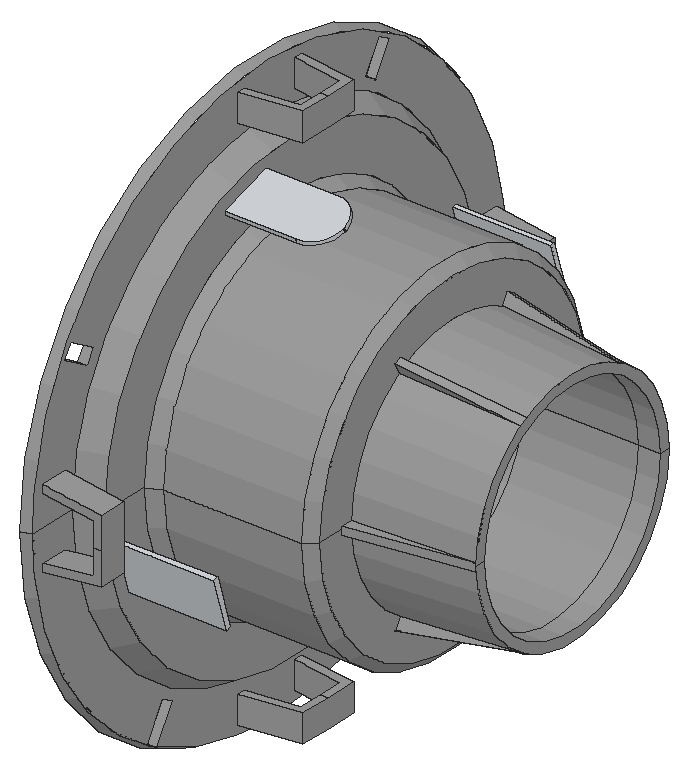
Revit family "CC50-X-Version1", category Pipe Accessories, Revit 2016
Family settings
  Part Type = Breaks Into
  Round Connector Dimension = Use Diameter
  Work Plane-Based = No
  Always vertical = No
  Cut with Voids When Loaded = No
  Shared = No
Parameters
  URL = "www.combatcollars.com.au"
  Model = "CC50-X"
  Manufacturer = "Combat Collars"
  Keynote = "The 'X' in the Model number should refer to either 'P' or 'G' (Purple or Green) depending on supplier."
  Description = "Combat Collar Clean 50"
Reference planes
  plane 1 "Center (Front/Back)": y = 0
  plane 2: z = 0
  plane 3 "Center (Left/Right)": x = -140
  plane 4: x = -230
  plane 5: x = -192.671
  plane 6: y = 90.593
  plane 7: y = -50
  plane 8: y = 100.593
  plane 9: y = -60
  plane 10: x = -212.35
  plane 11: x = -79.975
Forms (mm)
  Revolve 1, solid, material "Default", detail levels medium+fine
    sketch origin (0, 0, 0) x (1, 0, 0) y (0, 1, 0)
      loop
        line (-151, 30.319) -> (-181, 32.329) -> (-181, 42.108) -> (-183.488, 44.597) -> (-218.513, 44.597) -> (-221.871, 46.602) -> (-221.871, 58.802) -> (-227.545, 62.189) -> (-227.545, 74.462) -> (-229.916, 75.5) -> (-229.916, 60.496) -> (-224.327, 57.278) -> (-224.256, 39.729) -> (-185.318, 39.729) -> (-185.318, 27.864) -> (-156.504, 27.864) -> (-151, 27.864) -> (-151, 30.319)
      axis (-229.916, 0) -> (-151, 0)
    angle from 0 to 360
  Extrusion 2, solid, material "PVC-White", not visible, detail levels fine
    sketch origin (0, 0, 0) x (1, 0, 0) y (0, 0, 1)
      loop
        line (-80, 60.418) -> (-227.967, 86.048) -> (-227.967, 69.12) -> (-80, 60.418)
    from -1.5 to 1.5
  Extrusion 3, solid, material "PVC-White", not visible, detail levels fine
    sketch origin (0, 0, 0) x (1, 0, 0) y (0, -0.5, 0.866025)
      loop
        line (-80, 60.418) -> (-227.967, 86.048) -> (-227.967, 69.12) -> (-80, 60.418)
    from -1.5 to 1.5
  Extrusion 4, solid, material "PVC-White", not visible, detail levels fine
    sketch origin (0, 0, 0) x (1, 0, 0) y (0, -0.866025, 0.5)
      loop
        line (-80, 60.418) -> (-227.967, 86.048) -> (-227.967, 69.12) -> (-80, 60.418)
    from -1.5 to 1.5
  Extrusion 5, solid, material "PVC-White", not visible, detail levels fine
    sketch origin (0, 0, 0) x (0, -1, 0) y (-1, 0, 0)
      loop
        line (60.418, 80) -> (86.048, 227.967) -> (69.12, 227.967) -> (60.418, 80)
    from -1.5 to 1.5
  Extrusion 6, solid, material "PVC-White", not visible, detail levels fine
    sketch origin (0, 0, 0) x (1, 0, 0) y (0, -0.866025, -0.5)
      loop
        line (-80, 60.418) -> (-227.967, 86.048) -> (-227.967, 69.12) -> (-80, 60.418)
    from -1.5 to 1.5
  Extrusion 7, solid, material "PVC-White", not visible, detail levels fine
    sketch origin (0, 0, 0) x (1, 0, 0) y (0, -0.5, -0.866025)
      loop
        line (-80, 60.418) -> (-227.967, 86.048) -> (-227.967, 69.12) -> (-80, 60.418)
    from -1.5 to 1.5
  Extrusion 8, solid, material "PVC-White", not visible, detail levels fine
    sketch origin (0, 0, 0) x (1, 0, 0) y (0, 0, -1)
      loop
        line (-80, 60.418) -> (-227.967, 86.048) -> (-227.967, 69.12) -> (-80, 60.418)
    from -1.5 to 1.5
  Extrusion 9, solid, material "PVC-White", not visible, detail levels fine
    sketch origin (0, 0, 0) x (1, 0, 0) y (0, 0.5, -0.866025)
      loop
        line (-80, 60.418) -> (-227.967, 86.048) -> (-227.967, 69.12) -> (-80, 60.418)
    from -1.5 to 1.5
  Extrusion 10, solid, material "PVC-White", not visible, detail levels fine
    sketch origin (0, 0, 0) x (1, 0, 0) y (0, 0.866025, -0.5)
      loop
        line (-80, 60.418) -> (-227.967, 86.048) -> (-227.967, 69.12) -> (-80, 60.418)
    from -1.5 to 1.5
  Extrusion 11, solid, material "PVC-White", not visible, detail levels fine
    sketch origin (0, 0, 0) x (1, 0, 0) y (0, 1, 0)
      loop
        line (-80, 60.418) -> (-227.967, 86.048) -> (-227.967, 69.12) -> (-80, 60.418)
    from -1.5 to 1.5
  Extrusion 12, solid, material "PVC-White", not visible, detail levels fine
    sketch origin (0, 0, 0) x (1, 0, 0) y (0, 0.866025, 0.5)
      loop
        line (-80, 60.418) -> (-227.967, 86.048) -> (-227.967, 69.12) -> (-80, 60.418)
    from -1.5 to 1.5
  Extrusion 13, solid, material "PVC-White", not visible, detail levels fine
    sketch origin (0, 0, 0) x (1, 0, 0) y (0, 0.5, 0.866025)
      loop
        line (-80, 60.418) -> (-227.967, 86.048) -> (-227.967, 69.12) -> (-80, 60.418)
    from -1.5 to 1.5
  Extrusion 14, solid, material "Default"
    sketch origin (0, -3.478, 5.811) x (1, 0, 0) y (0, -0.5, 0.866025)
      loop
        line (-181, 28.602) -> (-181, 25.558) -> (-151, 23.548) -> (-181, 28.602)
    from -1 to 1
  Extrusion 15, solid, material "PVC-Purple", not visible
    sketch origin (0, -26.931, 15.549) x (1, 0, 0) y (0, -0.866025, 0.5)
      loop
        line (-180.974, 34.377) -> (-180.974, 23.962) -> (-151, 23.962) -> (-180.974, 34.377)
    from -1 to 1
  Extrusion 16, solid, material "Default"
    sketch origin (-227.545, 0, -1.544) x (0, 0, -1) y (0, 1, 0)
      loop
        line (-73.063, 0) -> (-73.063, -10) -> (-66.024, -10) -> (-66.024, 0) -> (-66.024, 10) -> (-73.063, 10) -> (-73.063, 0)
    from 0 to 15
  Extrusion 17, void
    sketch origin (-227.545, 0, 71.52) x (0, -1, 0) y (1, 0, 0)
      loop
        line (-10, 15) -> (-10, 0) -> (-8, 15) -> (-10, 15)
      loop
        line (10, 15) -> (8, 15) -> (10, 0) -> (10, 15)
      loop
        line (6.249, 13) -> (-6.249, 13) -> (-7.982, 0) -> (7.982, 0) -> (6.249, 13)
    from -7.039 to 20
  Extrusion 18, solid, material "PVC-Purple", not visible
    sketch origin (-227.545, 0, 0) x (0, 0, -1) y (0, 1, 0)
      loop
        line (-73.063, 0) -> (-73.063, -10) -> (-66.024, -10) -> (-66.024, 0) -> (-66.024, 10) -> (-73.063, 10) -> (-73.063, 0)
    from 0 to 15
  Extrusion 19, void, not visible
    sketch origin (-227.545, 0, 73.063) x (0, -1, 0) y (1, 0, 0)
      loop
        line (-10, 15) -> (-10, 0) -> (-8, 15) -> (-10, 15)
      loop
        line (10, 15) -> (8, 15) -> (10, 0) -> (10, 15)
      loop
        line (6.249, 13) -> (-6.249, 13) -> (-7.982, 0) -> (7.982, 0) -> (6.249, 13)
    from -7.039 to 20
  Extrusion 20, solid, material "PVC-Purple", not visible
    sketch origin (-227.545, 0, 25) x (0, 0, -1) y (0, 1, 0)
      loop
        line (-73.063, 0) -> (-73.063, -10) -> (-66.024, -10) -> (-66.024, 0) -> (-66.024, 10) -> (-73.063, 10) -> (-73.063, 0)
    from 0 to 15
  Extrusion 21, void, not visible
    sketch origin (-227.545, 0, 98.063) x (0, -1, 0) y (1, 0, 0)
      loop
        line (-10, 15) -> (-10, 0) -> (-8, 15) -> (-10, 15)
      loop
        line (10, 15) -> (8, 15) -> (10, 0) -> (10, 15)
      loop
        line (6.249, 13) -> (-6.249, 13) -> (-7.982, 0) -> (7.982, 0) -> (6.249, 13)
    from -7.039 to 20
  Extrusion 22, solid
    sketch origin (-221.871, 0.676, -2.474) x (0, 0, -1) y (0, 1, 0)
      loop
        line (-58.041, -8.791) -> (-53.969, -21.86) -> (-53.014, -21.562) -> (-57.086, -8.493) -> (-58.041, -8.791)
    from 0 to 25
  Extrusion 23, void
    sketch origin (-221.871, -8.115, 55.567) x (0, -0.954728, -0.29748) y (1, 0, 0)
      loop
        arc (0, 18.157) -> (6.844, 25.001) -> (13.688, 18.157) r 6.844
        line (13.688, 18.157) -> (13.688, 26.633) -> (0, 26.633) -> (0, 18.157)
    from -1 to 1.489
  Extrusion 24, solid, not visible
    sketch origin (-221.871, 0, 0) x (0, 0, -1) y (0, 1, 0)
      loop
        line (-58.041, -8.791) -> (-53.969, -21.86) -> (-53.014, -21.562) -> (-57.086, -8.493) -> (-58.041, -8.791)
    from 0 to 25
  Extrusion 25, solid
    sketch origin (-221.871, -2.474, -0.676) x (0, -1, 0) y (0, 0, -1)
      loop
        line (-58.041, -8.791) -> (-53.969, -21.86) -> (-53.014, -21.562) -> (-57.086, -8.493) -> (-58.041, -8.791)
    from 0 to 25
  Extrusion 26, solid
    sketch origin (-221.871, 2.474, 0.676) x (0, 1, 0) y (0, 0, 1)
      loop
        line (-58.041, -8.791) -> (-53.969, -21.86) -> (-53.014, -21.562) -> (-57.086, -8.493) -> (-58.041, -8.791)
    from 0 to 25
  Extrusion 27, solid, material "Default", not visible
    sketch origin (-227.545, 0, 25) x (0, 0, -1) y (0, 1, 0)
      loop
        line (-73.063, 0) -> (-73.063, -10) -> (-66.024, -10) -> (-66.024, 0) -> (-66.024, 10) -> (-73.063, 10) -> (-73.063, 0)
    from 0 to 15
  Extrusion 28, void, not visible
    sketch origin (-227.545, 0, 98.063) x (0, -1, 0) y (1, 0, 0)
      loop
        line (-10, 15) -> (-10, 0) -> (-8, 15) -> (-10, 15)
      loop
        line (10, 15) -> (8, 15) -> (10, 0) -> (10, 15)
      loop
        line (6.249, 13) -> (-6.249, 13) -> (-7.982, 0) -> (7.982, 0) -> (6.249, 13)
    from -7.039 to 20
  Extrusion 29, solid, material "Default"
    sketch origin (-227.545, -1.544, 0) x (0, -1, 0) y (0, 0, -1)
      loop
        line (-73.063, 0) -> (-73.063, -10) -> (-66.024, -10) -> (-66.024, 0) -> (-66.024, 10) -> (-73.063, 10) -> (-73.063, 0)
    from 0 to 15
  Extrusion 30, void
    sketch origin (-227.545, 71.52, 0) x (0, 0, 1) y (1, 0, 0)
      loop
        line (-10, 15) -> (-10, 0) -> (-8, 15) -> (-10, 15)
      loop
        line (10, 15) -> (8, 15) -> (10, 0) -> (10, 15)
      loop
        line (6.249, 13) -> (-6.249, 13) -> (-7.982, 0) -> (7.982, 0) -> (6.249, 13)
    from -7.039 to 20
  Extrusion 31, solid, material "Default"
    sketch origin (-227.545, 1.544, 0) x (0, 1, 0) y (0, 0, 1)
      loop
        line (-73.063, 0) -> (-73.063, -10) -> (-66.024, -10) -> (-66.024, 0) -> (-66.024, 10) -> (-73.063, 10) -> (-73.063, 0)
    from 0 to 15
  Extrusion 32, void
    sketch origin (-227.545, -71.52, 0) x (0, 0, -1) y (1, 0, 0)
      loop
        line (-10, 15) -> (-10, 0) -> (-8, 15) -> (-10, 15)
      loop
        line (10, 15) -> (8, 15) -> (10, 0) -> (10, 15)
      loop
        line (6.249, 13) -> (-6.249, 13) -> (-7.982, 0) -> (7.982, 0) -> (6.249, 13)
    from -7.039 to 20
  Extrusion 33, solid, material "Default"
    sketch origin (-227.545, 0, 1.544) x (0, 0, 1) y (0, -1, 0)
      loop
        line (-73.063, 0) -> (-73.063, -10) -> (-66.024, -10) -> (-66.024, 0) -> (-66.024, 10) -> (-73.063, 10) -> (-73.063, 0)
    from 0 to 15
  Extrusion 34, void
    sketch origin (-227.545, 0, -71.52) x (1, 0, 0) y (0, -1, 0)
      loop
        line (15, 10) -> (0, 10) -> (15, 8) -> (15, 10)
      loop
        line (15, -10) -> (15, -8) -> (0, -10) -> (15, -10)
      loop
        line (13, -6.249) -> (13, 6.249) -> (0, 7.982) -> (0, -7.982) -> (13, -6.249)
    from -7.039 to 20
  Extrusion 35, solid, material "Default", not visible
    sketch origin (0, -3.478, 5.811) x (1, 0, 0) y (0, -0.5, 0.866025)
      loop
        line (-181, 28.602) -> (-181, 25.558) -> (-151, 23.548) -> (-181, 28.602)
    from -1 to 1
  Extrusion 36, solid, material "Default"
    sketch origin (0, 3.293, 5.918) x (1, 0, 0) y (0, 0.5, 0.866025)
      loop
        line (-181, 28.602) -> (-181, 25.558) -> (-151, 23.548) -> (-181, 28.602)
    from -1 to 1
  Extrusion 37, solid, material "Default"
    sketch origin (0, -6.771, -0.107) x (0, -1, 0) y (-1, 0, 0)
      loop
        line (28.602, 181) -> (25.558, 181) -> (23.548, 151) -> (28.602, 181)
    from -1 to 1
  Extrusion 38, solid, material "Default"
    sketch origin (0, -3.293, -5.918) x (1, 0, 0) y (0, -0.5, -0.866025)
      loop
        line (-181, 28.602) -> (-181, 25.558) -> (-151, 23.548) -> (-181, 28.602)
    from -1 to 1
  Extrusion 39, solid, material "Default"
    sketch origin (0, 3.478, -5.811) x (1, 0, 0) y (0, 0.5, -0.866025)
      loop
        line (-181, 28.602) -> (-181, 25.558) -> (-151, 23.548) -> (-181, 28.602)
    from -1 to 1
  Extrusion 40, solid, material "Default"
    sketch origin (0, 6.771, 0.107) x (1, 0, 0) y (0, 1, 0)
      loop
        line (-181, 28.602) -> (-181, 25.558) -> (-151, 23.548) -> (-181, 28.602)
    from -1 to 1
  Extrusion 41, void
    sketch origin (-227.545, -12.86, -22.455) x (0, 0, -1) y (0, 1, 0)
      loop
        line (-84.954, 50.94) -> (-86.992, 47.541) -> (-79.644, 43.135) -> (-77.606, 46.534) -> (-84.954, 50.94)
    from -15.249 to 5.758
  Extrusion 42, void, not visible
    sketch origin (-227.545, 0, 0) x (0, 0, -1) y (0, 1, 0)
      loop
        line (-84.954, 50.94) -> (-86.992, 47.541) -> (-79.644, 43.135) -> (-77.606, 46.534) -> (-84.954, 50.94)
    from -15.249 to 5.758
  Extrusion 43, void
    sketch origin (-227.545, -21.525, 12.302) x (0, -1, 0) y (0, 0, -1)
      loop
        line (-84.954, 50.94) -> (-86.992, 47.541) -> (-79.644, 43.135) -> (-77.606, 46.534) -> (-84.954, 50.94)
    from -15.249 to 5.758
  Extrusion 44, void
    sketch origin (-227.545, 12.302, 21.525) x (0, 0, 1) y (0, -1, 0)
      loop
        line (-84.954, 50.94) -> (-86.992, 47.541) -> (-79.644, 43.135) -> (-77.606, 46.534) -> (-84.954, 50.94)
    from -15.249 to 5.758
  Extrusion 45, void
    sketch origin (-227.545, -22.455, 12.86) x (0, -1, 0) y (0, 0, -1)
      loop
        line (-84.954, 50.94) -> (-86.992, 47.541) -> (-79.644, 43.135) -> (-77.606, 46.534) -> (-84.954, 50.94)
    from -15.249 to 5.758
  Extrusion 46, void
    sketch origin (-227.545, 22.455, -12.86) x (0, 1, 0) y (0, 0, 1)
      loop
        line (-84.954, 50.94) -> (-86.992, 47.541) -> (-79.644, 43.135) -> (-77.606, 46.534) -> (-84.954, 50.94)
    from -15.249 to 5.758
  Extrusion 47, void
    sketch origin (-227.545, 12.86, 22.455) x (0, 0, 1) y (0, -1, 0)
      loop
        line (-84.954, 50.94) -> (-86.992, 47.541) -> (-79.644, 43.135) -> (-77.606, 46.534) -> (-84.954, 50.94)
    from -15.249 to 5.758
  Extrusion 48, solid
    sketch origin (-221.871, -0.676, 2.474) x (0, 0, 1) y (0, -1, 0)
      loop
        line (-58.041, -8.791) -> (-53.969, -21.86) -> (-53.014, -21.562) -> (-57.086, -8.493) -> (-58.041, -8.791)
    from 0 to 25
Cuts and joins
  Extrusion 17, Extrusion 30 cuts Extrusion 16
  Extrusion 30, Extrusion 32, Extrusion 34, Extrusion 41, Extrusion 43, Extrusion 44, Extrusion 45, Extrusion 46, Extrusion 47 cuts Revolve 1
  Extrusion 23 cuts Extrusion 22
  Extrusion 30 cuts Extrusion 29
  Extrusion 32 cuts Extrusion 31
  Extrusion 34 cuts Extrusion 33
Dimensions and locks
  Extrusion 2 sketch curve to Extrusion 2 sketch curve = 0 mm
  Extrusion 3 sketch curve to Extrusion 3 sketch curve = 0 mm
  Extrusion 4 sketch curve to Extrusion 4 sketch curve = 0 mm
  Extrusion 5 sketch curve to Extrusion 5 sketch curve = 0 mm
  Extrusion 6 sketch curve to Extrusion 6 sketch curve = 0 mm
  Extrusion 7 sketch curve to Extrusion 7 sketch curve = 0 mm
  Extrusion 8 sketch curve to Extrusion 8 sketch curve = 0 mm
  Extrusion 9 sketch curve to Extrusion 9 sketch curve = 0 mm
  Extrusion 10 sketch curve to Extrusion 10 sketch curve = 0 mm
  Extrusion 11 sketch curve to Extrusion 11 sketch curve = 0 mm
  Extrusion 12 sketch curve to Extrusion 12 sketch curve = 0 mm
  Extrusion 13 sketch curve to Extrusion 13 sketch curve = 0 mm
  aligned and locked: level to plane 2
  aligned and locked: plane 1 "Center (Front/Back)" to Revolve 1 sketch curve
Connectors
  piping at (-212.35, 0, 0), diameter 50
    settings: on plane 10, index 4, connector inside diameter 609.6 mm, connector length 0 mm, flow factor 0, pipe flow 0.0 L/s, pressure drop 0.0 Pa, fitting loss kfactor 0, connector angle 0.00°, fixture units 0, engagement length 0 mm, angle of deflection 0.00°, flow configuration 0, flow direction 0, fitting loss method 0, system type 7, joint type 0, gender type 0, connector reference index -1, connector utility 0, adjustable connector no, is connector primary yes, connector description ""
  piping at (-192.671, 0, 0), diameter 50
    settings: on plane 5, index 5, connector inside diameter 609.6 mm, connector length 0 mm, flow factor 0, pipe flow 0.0 L/s, pressure drop 0.0 Pa, fitting loss kfactor 0, connector angle 0.00°, fixture units 0, engagement length 0 mm, angle of deflection 0.00°, flow configuration 0, flow direction 0, fitting loss method 0, system type 7, joint type 0, gender type 0, connector reference index -1, connector utility 0, adjustable connector no, is connector primary no, connector description ""
